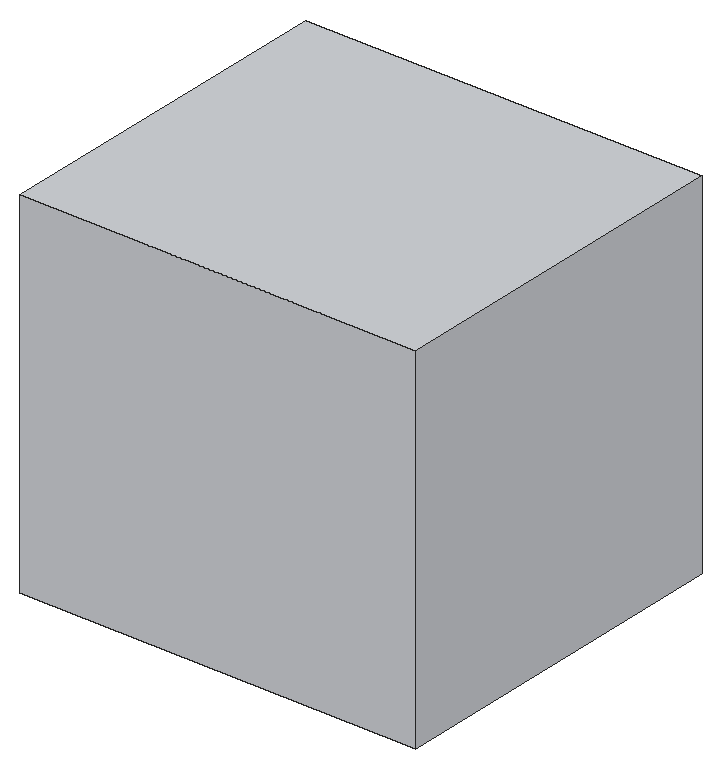
Revit family "CVC_Caisson-desenfumage_Aldes_Cyclone", category Equipement de génie climatique, Revit 2026
Family settings
  Cote de connecteur circulaire = Utiliser le diamètre
  Type d'élément = Normal
  Basée sur le plan de construction = Non
  Toujours verticalement = Oui
  Couper avec des vides une fois chargée = Non
  Conserver l'orientation des annotations = Non
  Partagée = Non
  Repère de localisation dans la pièce = Non
Parameters (values of type "Cyclone F400")
  Source = "CCTP lot 12 § 4.15"
  Modèle = "Cyclone"
  Fabricant = "Aldes"
  Elévation par défaut = 0 mm
  Description = "Caisson de désenfumage"
  Caractéristiques CCTP = "400 °C / 1 h (ou 2 h), centrifuge, certains à 2 vitesses"
  A vérifier = "Dimensions et débits à définir"
Reference planes
  plane 1 "Centre (avant/arrière)": y = 0
  plane 2: z = 0
  plane 3 "Centre (gauche/droite)": x = 0
Forms (mm)
  Extrusion 1, solid
    sketch origin (0, 0, 0) x (1, 0, 0) y (0, 1, 0)
      loop
        line (-500, -450) -> (500, -450) -> (500, 450) -> (-500, 450) -> (-500, -450)
    from 0 to 900
  Extrusion 2, solid
    sketch origin (0, 0, 900) x (1, 0, 0) y (0, 1, 0)
      loop
        line (-450, -200) -> (50, -200) -> (50, 200) -> (-450, 200) -> (-450, -200)
    from 0 to 80
  Extrusion 3, solid
    sketch origin (0, 0, 900) x (1, 0, 0) y (0, 1, 0)
      loop
        line (50, -200) -> (450, -200) -> (450, 200) -> (50, 200) -> (50, -200)
    from 0 to 80
Dimensions and locks
  aligned and locked: level to plane 2
Connectors
  hvac at (-200, 0, 980)
    settings: on Extrusion 2, index 1, duct flow 0.0 L/s, flow factor 0, pres drop 0.0 Pa, loss coef 0, conn angle 0.00°, conn width 500 mm, conn height 400 mm, conn diameter 609.6 mm, duct sys type 3, conn prof type 1, flow config 0, flow direction 0, loss method 0, conn ref index -1, conn util no, is conn primary yes, conn desc "Aspiration"
  hvac at (250, 0, 980)
    settings: on Extrusion 3, index 2, duct flow 0.0 L/s, flow factor 0, pres drop 0.0 Pa, loss coef 0, conn angle 0.00°, conn width 400 mm, conn height 400 mm, conn diameter 609.6 mm, duct sys type 3, conn prof type 1, flow config 0, flow direction 0, loss method 0, conn ref index -1, conn util no, is conn primary no, conn desc "Rejet"
